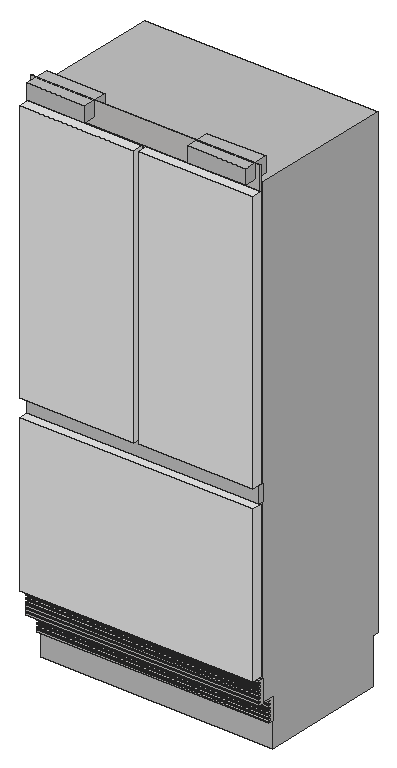
Revit family "FP_Revit_18_RS36A80J1_Fridge_90001167A", category Specialty Equipment, Revit 2018 (continued)
Definition of nested family "F&P Handle Kit - Contemporary Round - Vertical"
  Dimensions and locks
    Extrusion 7 sketch curve to Extrusion 7 sketch curve = 17.4 mm
    aligned and locked: level to plane 2
    aligned and locked: plane 4 "Top" to Extrusion 2
    aligned and locked: Extrusion 3 to plane 5 "Bottom"
    aligned and locked: plane 7 "Bottom Standoff" to Extrusion 3
    aligned and locked: Extrusion 1 to plane 7 "Bottom Standoff"
    aligned and locked: plane 6 "Top Standoff" to Extrusion 1
    aligned and locked: Extrusion 2 to Extrusion 1
    aligned and locked: Extrusion 6 to Extrusion 1
    aligned and locked: plane 4 "Top" to Extrusion 6
    aligned and locked: Extrusion 7 to Extrusion 1
    aligned and locked: Extrusion 7 to plane 5 "Bottom"
  Automatic sketch dimensions
    Extrusion 1 sketch curve to plane 3 "Center (Left/Right)" = 0 mm
    plane 1 "Center (Front/Back)" to Extrusion 1 sketch curve = 32.3 mm
    plane 1 "Center (Front/Back)" to Extrusion 2 sketch curve = 0 mm
    Extrusion 2 sketch curve to plane 3 "Center (Left/Right)" = 0 mm
    Extrusion 2 sketch curve to plane 3 "Center (Left/Right)" = 8.7 mm
    plane 1 "Center (Front/Back)" to Extrusion 2 sketch curve = 32.3 mm
    plane 1 "Center (Front/Back)" to Extrusion 3 sketch curve = 0 mm
    Extrusion 3 sketch curve to plane 3 "Center (Left/Right)" = 0 mm
    Extrusion 3 sketch curve to plane 3 "Center (Left/Right)" = 8.7 mm
    plane 1 "Center (Front/Back)" to Extrusion 3 sketch curve = 32.3 mm
    Sweep 4 sketch curve to profile plane = 0 mm  (x2)
    Sweep 4 sketch curve to profile plane = 1 mm  (x2)
    Sweep 5 sketch curve to profile plane = 0 mm  (x2)
    Sweep 5 sketch curve to profile plane = 1 mm  (x2)
    Extrusion 6 sketch curve to plane 3 "Center (Left/Right)" = 0 mm
    Extrusion 6 sketch curve to plane 3 "Center (Left/Right)" = 8.7 mm
    plane 1 "Center (Front/Back)" to Extrusion 6 sketch curve = 32.3 mm
    Extrusion 6 sketch curve to Extrusion 6 sketch curve = 32.3 mm
    Extrusion 7 sketch curve to plane 3 "Center (Left/Right)" = 0 mm
    Extrusion 7 sketch curve to plane 3 "Center (Left/Right)" = 8.7 mm
    plane 1 "Center (Front/Back)" to Extrusion 7 sketch curve = 32.3 mm
    Extrusion 7 sketch curve to Extrusion 7 sketch curve = 32.3 mm
    radius of Extrusion 1 sketch curve = 8.7 mm
Definition of nested family "F&P Handle Kit - Contemporary Square Fine - Horizontal"
  Parameters (values of type "AHD5RD2484W - Contemporary square fine handle (2 of 2) (Horizontal) 494mm")
    URL = "www.fisherpaykel.com"
    Material - Handle = none
    Manufacturer = "Fisher & Paykel Appliances"
    Handle - Length = 494 mm
  Types (15, lengths in mm): name | Handle - Length
    (no name) | 494
    AHD5RD2484W - Contemporary square fine handle (2 of 2) (Horizontal) 494mm | 494
    AHD5RD2484WB - Contemporary square fine black handle (2 of 2) (Horizontal) 494mm | 494
    AHD5RD3084W - Contemporary square fine handle (2 of 2) (Horizontal) 646mm | 646
    AHD5RD3084WB - Contemporary square fine black handle (2 of 2) (Horizontal) 646mm | 646
    AHD5RD7621W - Contemporary square fine handle (2 of 2) (Horizontal) 646mm | 646
    AHD5RD7621WB - Contemporary square fine handle black (2 of 2) (Horizontal) 646mm | 646
    AHD5RD6121W - Contemporary square fine handle (2 of 2) (Horizontal) 494mm | 494
    AHD5RD6121WB - Contemporary square fine handle black (2 of 2) (Horizontal) 494mm | 494
    AHD5RD36A - Contemporary square fine handle (2 of 2) (Horizontal) 746mm | 746
    AHD5RD36AB - Contemporary square fine black handle (2 of 2) (Horizontal) 746mm | 746
    AHD5RD90A - Contemporary square fine handle (2 of 2) (Horizontal) 746mm | 746
    AHD5RD80A - Contemporary square fine handle (2 of 2) (Horizontal) 646mm | 646
    AHD5RD80AB - Contemporary square fine black handle (2 of 2) (Horizontal) 646mm | 646
    AHD5RD90AB - Contemporary square fine black handle (2 of 2) (Horizontal) 746mm | 746
  Reference planes
    plane 1 "Center (Front/Back)": y = 0
    plane 2: z = 0
    plane 3 "Center (Left/Right)": x = 0
    plane 4 "Product LHS": x = -247
    plane 5 "Product RHS": x = 247
    plane 6 "LHS Standoff": x = -126.995
    plane 7 "RHS Standoff": x = 127.005
  Forms (mm)
    Extrusion 1, solid, material <- "Material - Handle", detail levels fine
      sketch origin (0, 0, 0) x (0, 1, 0) y (0, 0, 1)
        loop
          arc (-26.813, 6.16) -> (-27.196, 6.554) -> (-27.728, 6.686) r 1
          line (-27.728, 6.686) -> (-40.035, 6.256)
          arc (-40.035, 6.256) -> (-40.719, 5.951) -> (-41, 5.257) r 1
          line (-41, 5.257) -> (-41, -5.257)
          arc (-41, -5.257) -> (-40.719, -5.951) -> (-40.035, -6.256) r 1
          line (-40.035, -6.256) -> (-27.709, -6.686)
          arc (-27.709, -6.686) -> (-27.175, -6.554) -> (-26.792, -6.158) r 1
          arc (-26.792, -6.158) -> (-25.256, 0.004) -> (-26.813, 6.16) r 13.038
      from -247 to 247
    Extrusion 2, solid, material <- "Material - Handle", detail levels fine
      sketch origin (0, 0, 0) x (0, 1, 0) y (0, 0, 1)
        loop
          arc (-26.626, -6.008) -> (-26.614, -6.49) -> (-26.2, -6.737) r 0.5
          line (-26.2, -6.737) -> (0, -7.696) -> (0, 7.704) -> (-26.174, 6.747)
          arc (-26.174, 6.747) -> (-26.587, 6.5) -> (-26.6, 6.019) r 0.5
          arc (-26.6, 6.019) -> (-25.156, 0.002) -> (-26.626, -6.008) r 13.136
      from 127.005 to 247
    Extrusion 3, solid, material <- "Material - Handle", detail levels coarse+medium
      sketch origin (0, 0, 0) x (1, 0, 0) y (0, 1, 0)
        loop
          line (-247, -42) -> (247, -42) -> (247, 0) -> (127.005, 0) -> (127.005, -26.156) -> (-126.995, -26.156) -> (-126.995, 0) -> (-247, 0) -> (-247, -42)
      from -8.022 to 7.978
    Extrusion 4, solid, material <- "Material - Handle", detail levels fine
      sketch origin (0, 0, 0) x (0, 1, 0) y (0, 0, 1)
        loop
          arc (-26.626, -6.008) -> (-26.614, -6.49) -> (-26.2, -6.737) r 0.5
          line (-26.2, -6.737) -> (0, -7.696) -> (0, 7.704) -> (-26.174, 6.747)
          arc (-26.174, 6.747) -> (-26.587, 6.5) -> (-26.6, 6.019) r 0.5
          arc (-26.6, 6.019) -> (-25.156, 0.002) -> (-26.626, -6.008) r 13.136
      from -247 to -126.995
  Dimensions and locks
    equal spacing: plane 4 "Product LHS", plane 3 "Center (Left/Right)", plane 5 "Product RHS"
    "Handle - Length": plane 4 "Product LHS" to plane 5 "Product RHS"
    locked: plane 4 "Product LHS" to plane 6 "LHS Standoff" at 120.005
    locked: plane 7 "RHS Standoff" to plane 5 "Product RHS" at 119.995
    aligned and locked: level to plane 2
    aligned and locked: Extrusion 1 to plane 5 "Product RHS"
    aligned and locked: plane 4 "Product LHS" to Extrusion 1
    aligned and locked: Extrusion 2 to plane 5 "Product RHS"
    aligned and locked: plane 4 "Product LHS" to Extrusion 3 sketch curve
    aligned and locked: Extrusion 3 sketch curve to plane 5 "Product RHS"
    aligned and locked: Extrusion 3 sketch curve to plane 7 "RHS Standoff"
    aligned and locked: plane 6 "LHS Standoff" to Extrusion 3 sketch curve
    aligned and locked: plane 4 "Product LHS" to Extrusion 4
    aligned and locked: plane 6 "LHS Standoff" to Extrusion 4
    aligned and locked: Extrusion 2 to plane 7 "RHS Standoff"
  Automatic sketch dimensions
    Extrusion 1 sketch curve to level = 5.257 mm
    plane 1 "Center (Front/Back)" to Extrusion 1 sketch curve = 41 mm
    level to Extrusion 1 sketch curve = 6.256 mm
    Extrusion 1 sketch curve to Extrusion 1 sketch curve = 0.965 mm  (x2)
    Extrusion 1 sketch curve to level = 6.256 mm
    Extrusion 1 sketch curve to Extrusion 1 sketch curve = 0.035 mm  (x3)
    Extrusion 1 sketch curve to level = 0.018 mm
    Extrusion 1 sketch curve to Extrusion 1 sketch curve = 1.706 mm
    level to Extrusion 1 sketch curve = 6.686 mm
    Extrusion 1 sketch curve to Extrusion 1 sketch curve = 12.307 mm
    Extrusion 1 sketch curve to level = 6.686 mm
    Extrusion 1 sketch curve to Extrusion 1 sketch curve = 12.326 mm
    Extrusion 1 sketch curve to Extrusion 1 sketch curve = 0.999 mm  (x2)
    Extrusion 1 sketch curve to Extrusion 1 sketch curve = 0 mm
    Extrusion 2 sketch curve to plane 1 "Center (Front/Back)" = 0 mm
    level to Extrusion 2 sketch curve = 6.247 mm
    plane 1 "Center (Front/Back)" to Extrusion 2 sketch curve = 26.155 mm
    level to Extrusion 2 sketch curve = 6.747 mm
    Extrusion 2 sketch curve to Extrusion 2 sketch curve = 0.018 mm  (x2)
    Extrusion 2 sketch curve to level = 6.238 mm
    Extrusion 2 sketch curve to Extrusion 2 sketch curve = 0.026 mm
    Extrusion 2 sketch curve to level = 6.737 mm
    level to Extrusion 2 sketch curve = 0.03 mm
    Extrusion 2 sketch curve to Extrusion 2 sketch curve = 12.11 mm
    Extrusion 2 sketch curve to level = 7.696 mm
    level to Extrusion 2 sketch curve = 7.704 mm
    Extrusion 2 sketch curve to Extrusion 2 sketch curve = 0 mm
    plane 1 "Center (Front/Back)" to Extrusion 3 sketch curve = 42 mm
    Extrusion 3 sketch curve to Extrusion 3 sketch curve = 15.844 mm
    Extrusion 3 sketch curve to Extrusion 3 sketch curve = 26.156 mm  (x2)
    level to Extrusion 4 sketch curve = 0.03 mm
    plane 1 "Center (Front/Back)" to Extrusion 4 sketch curve = 38.291 mm
    Extrusion 4 sketch curve to level = 6.737 mm
    Extrusion 4 sketch curve to Extrusion 4 sketch curve = 12.091 mm
    Extrusion 4 sketch curve to Extrusion 4 sketch curve = 0.018 mm  (x2)
    level to Extrusion 4 sketch curve = 6.747 mm
    Extrusion 4 sketch curve to Extrusion 4 sketch curve = 0.008 mm
    level to Extrusion 4 sketch curve = 7.704 mm
    Extrusion 4 sketch curve to Extrusion 4 sketch curve = 26.174 mm
    Extrusion 4 sketch curve to level = 7.696 mm
    Extrusion 4 sketch curve to Extrusion 4 sketch curve = 0.5 mm  (x2)
    Extrusion 4 sketch curve to Extrusion 4 sketch curve = 0 mm
Definition of nested family "F&P Handle Kit - Contemporary Square Fine - Vertical"
  Parameters (values of type "AHD5RD90AB - Contemporary square fine black handle (1 of 2) (Vertical) 727mm")
    URL = "www.fisherpaykel.com"
    Material - Handle = none
    Manufacturer = "Fisher & Paykel Appliances"
    Handle - Length = 727 mm
  Types (14): name
    AHD5RD2484W - Contemporary square fine handle (1 of 2) (Vertical) 727mm
    AHD5RD2484WB - Contemporary square fine black handle (1 of 2) (Vertical) 727mm
    AHD5RD3084W - Contemporary square fine handle (1 of 2) (Vertical) 727mm
    AHD5RD3084WB - Contemporary square fine black handle (1 of 2) (Vertical) 727mm
    AHD5RD6121W - Contemporary square fine handle (1 of 2) (Vertical) 727mm
    AHD5RD6121WB - Contemporary square fine black handle (1 of 2) (Vertical) 727mm
    AHD5RD7621W - Contemporary square fine handle (1 of 2) (Vertical) 727mm
    AHD5RD7621WB - Contemporary square fine black handle (1 of 2) (Vertical) 727mm
    AHD5RD36A - Contemporary square fine handle (1 of 2) (Vertical) 727mm
    AHD5RD36AB - Contemporary square fine black handle (1 of 2) (Vertical) 727mm
    AHD5RD80A - Contemporary square fine handle (1 of 2) (Vertical) 727mm
    AHD5RD90A - Contemporary square fine handle (1 of 2) (Vertical) 727mm
    AHD5RD80AB - Contemporary square fine black handle (1 of 2) (Vertical) 727mm
    AHD5RD90AB - Contemporary square fine black handle (1 of 2) (Vertical) 727mm
  Reference planes
    plane 1 "Center (Front/Back)": y = 0
    plane 2: z = 0
    plane 3 "Center (Left/Right)": x = 0
    plane 4 "Top": z = 363.5
    plane 5 "Bottom": z = -363.5
    plane 6 "Top Standoff": z = 243.5
    plane 7 "Bottom Standoff": z = -243.5
  Forms (mm)
    Extrusion 1, solid, material <- "Material - Handle", detail levels fine
      sketch origin (0, 0, 0) x (1, 0, 0) y (0, 1, 0)
        loop
          arc (-6.16, -26.813) -> (-6.554, -27.196) -> (-6.686, -27.728) r 1
          line (-6.686, -27.728) -> (-6.256, -40.035)
          arc (-6.256, -40.035) -> (-5.951, -40.719) -> (-5.257, -41) r 1
          line (-5.257, -41) -> (5.257, -41)
          arc (5.257, -41) -> (5.951, -40.719) -> (6.256, -40.035) r 1
          line (6.256, -40.035) -> (6.686, -27.709)
          arc (6.686, -27.709) -> (6.554, -27.175) -> (6.158, -26.792) r 1
          arc (6.158, -26.792) -> (-0.004, -25.256) -> (-6.16, -26.813) r 13.038
      from -363.5 to 363.5
    Extrusion 2, solid, material <- "Material - Handle", detail levels fine
      sketch origin (0, 0, 0) x (1, 0, 0) y (0, 1, 0)
        loop
          arc (6.012, -26.626) -> (6.494, -26.614) -> (6.741, -26.2) r 0.5
          line (6.741, -26.2) -> (7.7, 0) -> (-7.7, 0) -> (-6.742, -26.174)
          arc (-6.742, -26.174) -> (-6.496, -26.587) -> (-6.015, -26.6) r 0.5
          arc (-6.015, -26.6) -> (0.002, -25.156) -> (6.012, -26.626) r 13.136
      from 243.5 to 363.5
    Extrusion 3, solid, material <- "Material - Handle", detail levels coarse+medium
      sketch origin (0, 0, 0) x (0, 1, 0) y (0, 0, 1)
        loop
          line (0, 363.5) -> (-42, 363.5) -> (-42, -363.5) -> (0, -363.5) -> (0, -243.5) -> (-26.245, -243.5) -> (-26.245, 243.5) -> (0, 243.5) -> (0, 363.5)
      from -8 to 8
    Extrusion 4, solid, material <- "Material - Handle", detail levels fine
      sketch origin (0, 0, 0) x (1, 0, 0) y (0, 1, 0)
        loop
          arc (6.012, -26.626) -> (6.494, -26.614) -> (6.741, -26.2) r 0.5
          line (6.741, -26.2) -> (7.7, 0) -> (-7.7, 0) -> (-6.742, -26.174)
          arc (-6.742, -26.174) -> (-6.496, -26.587) -> (-6.015, -26.6) r 0.5
          arc (-6.015, -26.6) -> (0.002, -25.156) -> (6.012, -26.626) r 13.136
      from -363.5 to -243.5
  Dimensions and locks
    equal spacing: plane 4 "Top", level, plane 5 "Bottom"
    "Handle - Length": plane 4 "Top" to plane 5 "Bottom"
    locked: plane 4 "Top" to plane 6 "Top Standoff" at 120
    locked: plane 7 "Bottom Standoff" to plane 5 "Bottom" at 120
    aligned and locked: level to plane 2
    aligned and locked: plane 4 "Top" to Extrusion 2
    aligned and locked: Extrusion 2 to plane 6 "Top Standoff"
    aligned and locked: plane 4 "Top" to Extrusion 1
    aligned and locked: Extrusion 1 to plane 5 "Bottom"
    aligned and locked: plane 4 "Top" to Extrusion 3 sketch curve
    aligned and locked: plane 6 "Top Standoff" to Extrusion 3 sketch curve
    aligned and locked: plane 7 "Bottom Standoff" to Extrusion 3 sketch curve
    aligned and locked: plane 5 "Bottom" to Extrusion 3 sketch curve
    aligned and locked: Extrusion 4 to plane 5 "Bottom"
    aligned and locked: plane 7 "Bottom Standoff" to Extrusion 4
  Automatic sketch dimensions
    Extrusion 1 sketch curve to plane 3 "Center (Left/Right)" = 6.686 mm
    Extrusion 1 sketch curve to plane 3 "Center (Left/Right)" = 6.256 mm
    Extrusion 1 sketch curve to Extrusion 1 sketch curve = 0.999 mm  (x4)
    plane 3 "Center (Left/Right)" to Extrusion 1 sketch curve = 0.018 mm
    plane 3 "Center (Left/Right)" to Extrusion 1 sketch curve = 5.257 mm
    plane 3 "Center (Left/Right)" to Extrusion 1 sketch curve = 5.687 mm
    plane 1 "Center (Front/Back)" to Extrusion 1 sketch curve = 41 mm
    Extrusion 1 sketch curve to Extrusion 1 sketch curve = 0.965 mm  (x2)
    Extrusion 1 sketch curve to Extrusion 1 sketch curve = 1.706 mm
    Extrusion 1 sketch curve to Extrusion 1 sketch curve = 12.307 mm
    Extrusion 1 sketch curve to Extrusion 1 sketch curve = 12.326 mm
    Extrusion 1 sketch curve to Extrusion 1 sketch curve = 0.035 mm  (x2)
    Extrusion 1 sketch curve to Extrusion 1 sketch curve = 0 mm
    plane 1 "Center (Front/Back)" to Extrusion 2 sketch curve = 0 mm
    Extrusion 2 sketch curve to plane 3 "Center (Left/Right)" = 7.7 mm
    Extrusion 2 sketch curve to plane 3 "Center (Left/Right)" = 6.742 mm
    Extrusion 2 sketch curve to Extrusion 2 sketch curve = 0.5 mm  (x2)
    Extrusion 2 sketch curve to plane 3 "Center (Left/Right)" = 0.026 mm
    plane 3 "Center (Left/Right)" to Extrusion 2 sketch curve = 6.242 mm
    plane 3 "Center (Left/Right)" to Extrusion 2 sketch curve = 7.7 mm
    plane 1 "Center (Front/Back)" to Extrusion 2 sketch curve = 26.155 mm
    Extrusion 2 sketch curve to Extrusion 2 sketch curve = 0.018 mm  (x2)
    Extrusion 2 sketch curve to Extrusion 2 sketch curve = 0.026 mm
    Extrusion 2 sketch curve to Extrusion 2 sketch curve = 12.11 mm
    Extrusion 2 sketch curve to Extrusion 2 sketch curve = 0 mm
    plane 1 "Center (Front/Back)" to Extrusion 3 sketch curve = 42 mm
    Extrusion 3 sketch curve to Extrusion 3 sketch curve = 15.755 mm
    Extrusion 3 sketch curve to Extrusion 3 sketch curve = 42 mm  (x2)
    Extrusion 4 sketch curve to plane 3 "Center (Left/Right)" = 7.7 mm
    Extrusion 4 sketch curve to plane 3 "Center (Left/Right)" = 6.742 mm
    Extrusion 4 sketch curve to Extrusion 4 sketch curve = 0.5 mm  (x2)
    Extrusion 4 sketch curve to plane 3 "Center (Left/Right)" = 0.026 mm
    plane 3 "Center (Left/Right)" to Extrusion 4 sketch curve = 6.242 mm
    plane 3 "Center (Left/Right)" to Extrusion 4 sketch curve = 7.7 mm
    plane 1 "Center (Front/Back)" to Extrusion 4 sketch curve = 38.291 mm
    Extrusion 4 sketch curve to Extrusion 4 sketch curve = 12.091 mm
    Extrusion 4 sketch curve to Extrusion 4 sketch curve = 0.018 mm  (x2)
    Extrusion 4 sketch curve to Extrusion 4 sketch curve = 0.452 mm
    Extrusion 4 sketch curve to Extrusion 4 sketch curve = 26.174 mm
    Extrusion 4 sketch curve to Extrusion 4 sketch curve = 0 mm
Definition of nested family "F&P Handle Kit - Professional Round - Horizontal"
  Parameters (values of type "AHCRS3272A - Professional round handle (2 of 2) (Horizontal) 646mm")
    URL = "www.fisherpaykel.com"
    Material - Standoff = none
    Material - Handle = none
    Manufacturer = "Fisher & Paykel Appliances"
    Handle - Length = 646 mm
  Types (5, lengths in mm): name | Handle - Length
    AHCRD2484W - Professional round handle (2 of 2) (Horizontal) 428mm | 428
    AHCRD3084W - Professional round handle (2 of 2) (Horizontal) 580mm | 646
    AHCRS3272A - Professional round handle (2 of 2) (Horizontal) 646mm | 646
    AHCRS36A - Professional round handle (2 of 2) (Horizontal) 746mm | 746
    AHCRS3272A - Professional round handle (2 of 2) (Horizontal) 580mm | 646
  Reference planes
    plane 1 "Center (Front/Back)": y = 0
    plane 2: z = 0
    plane 3 "Center (Left/Right)": x = 0
    plane 4 "Product LHS": x = -323
    plane 5 "Product RHS": x = 323
    plane 6 "LHS Standoff": x = -279
    plane 7 "RHS Standoff": x = 279
  Forms (mm)
    Extrusion 1, solid, material <- "Material - Standoff", detail levels fine
      sketch origin (0, 0, 0) x (0, 1, 0) y (0, 0, 1)
        loop
          line (0, 18.5) -> (-41.7, 18.5)
          arc (-41.7, 18.5) -> (-60.2, 0) -> (-41.7, -18.5) r 18.5
          line (-41.7, -18.5) -> (0, -18.5) -> (0, 18.5)
      from 279 to 323
    Extrusion 2, solid, material <- "Material - Standoff", detail levels fine
      sketch origin (0, 0, 0) x (0, 1, 0) y (0, 0, 1)
        loop
          line (0, 18.5) -> (-41.7, 18.5)
          arc (-41.7, 18.5) -> (-60.2, 0) -> (-41.7, -18.5) r 18.5
          line (-41.7, -18.5) -> (0, -18.5) -> (0, 18.5)
      from -323 to -279
    Sweep 3, void
      path in 3D
        loop
          line (323, 0, 18.5) -> (323, -41.7, 18.5)
          arc (323, -41.7, 18.5) -> (323, -60.2, 0) -> (323, -41.7, -18.5) r 18.5
          line (323, -41.7, -18.5) -> (323, 0, -18.5)
      profile origin (323, -20.85, 18.5) x (1, 0, 0) y (0, 0, 1)
        loop
          line (0, 0) -> (-3, 0) -> (0, -3) -> (0, 0)
    Sweep 4, void
      path in 3D
        loop
          line (-323, 0, -18.5) -> (-323, -41.7, -18.5)
          arc (-323, -41.7, -18.5) -> (-323, -60.2, 0) -> (-323, -41.7, 18.5) r 18.5
          line (-323, -41.7, 18.5) -> (-323, 0, 18.5)
      profile origin (-323, -20.85, 18.5) x (-1, 0, 0) y (0, 0, 1)
        loop
          line (0, 0) -> (-3, 0) -> (0, -3) -> (0, 0)
    Extrusion 5, solid, material <- "Material - Handle"
      sketch origin (0, -2.3, 0) x (0, 1, 0) y (0, 0, 1)
        loop
          circle (-39.4, 0) r 12.7
      from -279 to 279
    Extrusion 6, solid, material <- "Material - Standoff", detail levels coarse+medium
      sketch origin (0, 0, 0) x (0, 1, 0) y (0, 0, 1)
        loop
          line (0, 18.5) -> (-41.7, 18.5)
          arc (-41.7, 18.5) -> (-60.2, 0) -> (-41.7, -18.5) r 18.5
          line (-41.7, -18.5) -> (0, -18.5) -> (0, 18.5)
      from 323 to 279
    Extrusion 7, solid, material <- "Material - Standoff", detail levels coarse+medium
      sketch origin (0, 0, 0) x (0, 1, 0) y (0, 0, 1)
        loop
          line (0, 18.5) -> (-41.7, 18.5)
          arc (-41.7, 18.5) -> (-60.2, 0) -> (-41.7, -18.5) r 18.5
          line (-41.7, -18.5) -> (0, -18.5) -> (0, 18.5)
      from -279 to -323
  Cuts and joins
    Sweep 3 cuts Extrusion 1
    Sweep 4 cuts Extrusion 2
  Lines and regions (mm)
    sketch lines
      curve 1: line (323, 0, 18.5) -> (323, -41.7, 18.5)
      curve 2: arc (323, -41.7, -18.5) -> (323, -60.2, 0) -> (323, -41.7, 18.5) r 18.5
      curve 3: line (323, -41.7, -18.5) -> (323, 0, -18.5)
      curve 4: line (-323, -41.7, 18.5) -> (-323, 0, 18.5)
      curve 5: arc (-323, -41.7, 18.5) -> (-323, -60.2, 0) -> (-323, -41.7, -18.5) r 18.5
      curve 6: line (-323, 0, -18.5) -> (-323, -41.7, -18.5)
  Dimensions and locks
    equal spacing: plane 4 "Product LHS", plane 3 "Center (Left/Right)", plane 5 "Product RHS"
    "Handle - Length": plane 4 "Product LHS" to plane 5 "Product RHS"
    plane 4 "Product LHS" to plane 6 "LHS Standoff" = 44 mm
    plane 7 "RHS Standoff" to plane 5 "Product RHS" = 44 mm
    aligned and locked: level to plane 2
    aligned and locked: Extrusion 1 to plane 7 "RHS Standoff"
    aligned and locked: Extrusion 1 to plane 5 "Product RHS"
    aligned and locked: plane 4 "Product LHS" to Extrusion 2
    aligned and locked: plane 6 "LHS Standoff" to Extrusion 2
    aligned and locked: Extrusion 5 to plane 6 "LHS Standoff"
    aligned and locked: plane 7 "RHS Standoff" to Extrusion 5
    aligned and locked: plane 5 "Product RHS" to Extrusion 6
    aligned and locked: plane 7 "RHS Standoff" to Extrusion 6
    aligned and locked: Extrusion 7 to plane 4 "Product LHS"
    aligned and locked: Extrusion 7 to plane 6 "LHS Standoff"
  Automatic sketch dimensions
    Extrusion 1 sketch curve to level = 0 mm
    Extrusion 1 sketch curve to plane 1 "Center (Front/Back)" = 0 mm
    Extrusion 1 sketch curve to level = 18.5 mm
    plane 1 "Center (Front/Back)" to Extrusion 1 sketch curve = 41.7 mm
    Extrusion 2 sketch curve to level = 0 mm
    Extrusion 2 sketch curve to plane 1 "Center (Front/Back)" = 0 mm
    Extrusion 2 sketch curve to level = 18.5 mm
    plane 1 "Center (Front/Back)" to Extrusion 2 sketch curve = 41.7 mm
    Sweep 3 sketch curve to profile plane = 0 mm
    profile plane to Sweep 3 sketch curve = 0 mm
    profile plane to Sweep 3 sketch curve = 3 mm
    Sweep 3 sketch curve to profile plane = 3 mm
    Sweep 4 sketch curve to profile plane = 0 mm  (x2)
    profile plane to Sweep 4 sketch curve = 3 mm
    Sweep 4 sketch curve to profile plane = 3 mm
    Extrusion 5 sketch curve to level = 0 mm
    plane 1 "Center (Front/Back)" to Extrusion 5 sketch curve = 41.7 mm
    Extrusion 6 sketch curve to level = 0 mm
    level to Extrusion 6 sketch curve = 18.5 mm
    plane 1 "Center (Front/Back)" to Extrusion 6 sketch curve = 41.7 mm
    Extrusion 6 sketch curve to Extrusion 6 sketch curve = 41.7 mm
    Extrusion 7 sketch curve to level = 0 mm
    level to Extrusion 7 sketch curve = 18.5 mm
    plane 1 "Center (Front/Back)" to Extrusion 7 sketch curve = 41.7 mm
    Extrusion 7 sketch curve to Extrusion 7 sketch curve = 41.7 mm
    radius of Extrusion 5 sketch curve = 12.7 mm
Definition of nested family "F&P Handle Kit - Professional Round - Vertical"
  Parameters (values of type "AHCRS36A - Professional round handle (1 of 2) (Vertical) 661mm")
    URL = "www.fisherpaykel.com"
    Material - Standoff = none
    Material - Handle = none
    Manufacturer = "Fisher & Paykel Appliances"
    Handle - Length = 661 mm
  Types (5, lengths in mm): name | Handle - Length
    AHCRD2484W - Professional round handle (1 of 2) (Vertical) 661mm | 661
    AHCRD3084W - Professional round handle (1 of 2) (Vertical) 661mm | 661
    AHC-RD84 - Professional round handle (Vertical) 786mm | 786
    AHCRS3272A - Professional round handle (1 of 2) (Vertical) 661mm | 661
    AHCRS36A - Professional round handle (1 of 2) (Vertical) 661mm | 661
  Reference planes
    plane 1 "Center (Front/Back)": y = 0
    plane 2: z = 0
    plane 3 "Center (Left/Right)": x = 0
    plane 4 "Top": z = 330.5
    plane 5 "Bottom": z = -330.5
    plane 6 "Top Standoff": z = 286.5
    plane 7 "Bottom Standoff": z = -286.5
  Forms (mm)
    Extrusion 1, solid, material <- "Material - Standoff", detail levels fine
      sketch origin (0, 0, 0) x (1, 0, 0) y (0, 1, 0)
        loop
          line (-18.5, 0) -> (-18.5, -41.7)
          arc (-18.5, -41.7) -> (0, -60.2) -> (18.5, -41.7) r 18.5
          line (18.5, -41.7) -> (18.5, 0) -> (-18.5, 0)
      from 286.5 to 330.5
    Extrusion 2, solid, material <- "Material - Standoff", detail levels fine
      sketch origin (0, 0, 0) x (1, 0, 0) y (0, 1, 0)
        loop
          line (-18.5, 0) -> (-18.5, -41.7)
          arc (-18.5, -41.7) -> (0, -60.2) -> (18.5, -41.7) r 18.5
          line (18.5, -41.7) -> (18.5, 0) -> (-18.5, 0)
      from -330.5 to -286.5
    Extrusion 3, solid, material <- "Material - Handle"
      sketch origin (0, 0, 0) x (1, 0, 0) y (0, 1, 0)
        loop
          circle (0, -41.7) r 12.7
      from -286.5 to 286.5
    Sweep 4, void
      path in 3D
        loop
          line (-18.5, 0, 330.5) -> (-18.5, -41.7, 330.5)
          arc (-18.5, -41.7, 330.5) -> (0, -60.2, 330.5) -> (18.5, -41.7, 330.5) r 18.5
          line (18.5, -41.7, 330.5) -> (18.5, 0, 330.5)
      profile origin (18.5, -20.85, 330.5) x (-1, 0, 0) y (0, 0, 1)
        loop
          line (0, 0) -> (0, -3) -> (3, 0) -> (0, 0)
    Sweep 5, void
      path in 3D
        loop
          line (18.5, 0, -330.5) -> (18.5, -41.7, -330.5)
          arc (18.5, -41.7, -330.5) -> (0, -60.2, -330.5) -> (-18.5, -41.7, -330.5) r 18.5
          line (-18.5, -41.7, -330.5) -> (-18.5, 0, -330.5)
      profile origin (18.5, -20.85, -330.5) x (-1, 0, 0) y (0, 0, -1)
        loop
          line (0, 0) -> (0, -3) -> (3, 0) -> (0, 0)
    Extrusion 6, solid, material <- "Material - Standoff", detail levels coarse+medium
      sketch origin (0, 0, 0) x (1, 0, 0) y (0, 1, 0)
        loop
          line (-18.5, 0) -> (-18.5, -41.7)
          arc (-18.5, -41.7) -> (0, -60.2) -> (18.5, -41.7) r 18.5
          line (18.5, -41.7) -> (18.5, 0) -> (-18.5, 0)
      from 286.5 to 330.5
    Extrusion 7, solid, material <- "Material - Standoff", detail levels coarse+medium
      sketch origin (0, 0, 0) x (1, 0, 0) y (0, 1, 0)
        loop
          line (-18.5, 0) -> (-18.5, -41.7)
          arc (-18.5, -41.7) -> (0, -60.2) -> (18.5, -41.7) r 18.5
          line (18.5, -41.7) -> (18.5, 0) -> (-18.5, 0)
      from -330.5 to -286.5
  Cuts and joins
    Sweep 4 cuts Extrusion 1
    Sweep 5 cuts Extrusion 2
  Lines and regions (mm)
    sketch lines
      curve 1: line (18.5, -41.7, 330.5) -> (18.5, 0, 330.5)
      curve 2: arc (18.5, -41.7, 330.5) -> (0, -60.2, 330.5) -> (-18.5, -41.7, 330.5) r 18.5
      curve 3: line (-18.5, 0, 330.5) -> (-18.5, -41.7, 330.5)
      curve 4: line (18.5, 0, -330.5) -> (18.5, -41.7, -330.5)
      curve 5: arc (-18.5, -41.7, -330.5) -> (0, -60.2, -330.5) -> (18.5, -41.7, -330.5) r 18.5
      curve 6: line (-18.5, -41.7, -330.5) -> (-18.5, 0, -330.5)
  Dimensions and locks
    equal spacing: plane 4 "Top", level, plane 5 "Bottom"
    "Handle - Length": plane 4 "Top" to plane 5 "Bottom"
    plane 4 "Top" to plane 6 "Top Standoff" = 44 mm
    plane 7 "Bottom Standoff" to plane 5 "Bottom" = 44 mm
    aligned and locked: level to plane 2
    aligned and locked: plane 4 "Top" to Extrusion 1
    aligned and locked: Extrusion 1 to plane 6 "Top Standoff"
    aligned and locked: Extrusion 2 to plane 5 "Bottom"
    aligned and locked: plane 7 "Bottom Standoff" to Extrusion 2
    aligned and locked: plane 6 "Top Standoff" to Extrusion 3
    aligned and locked: Extrusion 3 to plane 7 "Bottom Standoff"
    aligned and locked: plane 4 "Top" to Extrusion 6
    aligned and locked: Extrusion 7 to plane 5 "Bottom"
    aligned and locked: plane 7 "Bottom Standoff" to Extrusion 7
    aligned and locked: Extrusion 6 to plane 6 "Top Standoff"
  Automatic sketch dimensions
    plane 1 "Center (Front/Back)" to Extrusion 1 sketch curve = 0 mm
    Extrusion 1 sketch curve to plane 3 "Center (Left/Right)" = 0 mm
    Extrusion 1 sketch curve to plane 3 "Center (Left/Right)" = 18.5 mm
    plane 1 "Center (Front/Back)" to Extrusion 1 sketch curve = 41.7 mm
    plane 1 "Center (Front/Back)" to Extrusion 2 sketch curve = 0 mm
    Extrusion 2 sketch curve to plane 3 "Center (Left/Right)" = 0 mm
    Extrusion 2 sketch curve to plane 3 "Center (Left/Right)" = 18.5 mm
    plane 1 "Center (Front/Back)" to Extrusion 2 sketch curve = 41.7 mm
    Extrusion 3 sketch curve to plane 3 "Center (Left/Right)" = 0 mm
    plane 1 "Center (Front/Back)" to Extrusion 3 sketch curve = 41.7 mm
    Sweep 4 sketch curve to profile plane = 0 mm  (x2)
    Sweep 4 sketch curve to profile plane = 3 mm  (x2)
    Sweep 5 sketch curve to profile plane = 0 mm  (x2)
    Sweep 5 sketch curve to profile plane = 3 mm  (x2)
    Extrusion 6 sketch curve to plane 3 "Center (Left/Right)" = 0 mm
    Extrusion 6 sketch curve to plane 3 "Center (Left/Right)" = 18.5 mm
    plane 1 "Center (Front/Back)" to Extrusion 6 sketch curve = 41.7 mm
    Extrusion 6 sketch curve to Extrusion 6 sketch curve = 41.7 mm
    Extrusion 7 sketch curve to plane 3 "Center (Left/Right)" = 0 mm
    Extrusion 7 sketch curve to plane 3 "Center (Left/Right)" = 18.5 mm
    plane 1 "Center (Front/Back)" to Extrusion 7 sketch curve = 41.7 mm
    Extrusion 7 sketch curve to Extrusion 7 sketch curve = 41.7 mm
    radius of Extrusion 3 sketch curve = 12.7 mm
Definition of nested family "F&P Handle Kit - Professional Square - Horizontal"
  Parameters (values of type "AHV2RS36A - Professional square handle (2 of 2) (Horizontal) 686mm")
    URL = "www.fisherpaykel.com"
    Material - Handle = none
    Manufacturer = "Fisher & Paykel Appliances"
    Handle - Length = 686 mm
  Types (5, lengths in mm): name | Handle - Length
    (no name) | 686
    AHV2RD2484W - Professional square handle (2 of 2) (Horizontal) 434mm | 434
    AHV2RD3084W - Professional square handle (2 of 2) (Horizontal) 586mm | 586
    AHV2RS3272A - Professional square handle (2 of 2) (Horizontal) 586mm | 586
    AHV2RS36A - Professional square handle (2 of 2) (Horizontal) 686mm | 686
  Reference planes
    plane 1 "Center (Front/Back)": y = 0
    plane 2: z = 0
    plane 3 "Center (Left/Right)": x = 0
    plane 4 "Product LHS": x = -343
    plane 5 "Product RHS": x = 343
    plane 6 "LHS Standoff": x = -293
    plane 7 "RHS Standoff": x = 293
  Forms (mm)
    Extrusion 1, solid, material <- "Material - Handle", detail levels fine
      sketch origin (0, 0, 0) x (1, 0, 0) y (0, 1, 0)
        loop
          line (-343, 0) -> (-343, -40)
          arc (-343, -40) -> (-340.071, -47.071) -> (-333, -50) r 10
          line (-333, -50) -> (-293, -50) -> (-293, 0) -> (-343, 0)
        loop
          line (343, 0) -> (293, 0) -> (293, -50) -> (333, -50)
          arc (333, -50) -> (340.071, -47.071) -> (343, -40) r 10
          line (343, -40) -> (343, 0)
      from -17.5 to 17.5
    Extrusion 2, solid, material <- "Material - Handle", detail levels fine
      sketch origin (0, 0, 0) x (0, 1, 0) y (0, 0, 1)
        loop
          line (-36.787, 15.5) -> (-46.472, 15.5) -> (-47.8, 14.172) -> (-47.8, -14.172) -> (-46.472, -15.5) -> (-36.787, -15.5)
          arc (-36.787, -15.5) -> (-32.3, 0) -> (-36.787, 15.5) r 29.013
      from -293 to 293
    Sweep 3, void
      path in 3D
        loop
          line (293, -50, 17.5) -> (333, -50, 17.5)
          arc (333, -50, 17.5) -> (340.071, -47.071, 17.5) -> (343, -40, 17.5) r 10
          line (343, -40, 17.5) -> (343, 0, 17.5)
      profile origin (343, -20, 17.5) x (-1, 0, 0) y (0, 0, 1)
        loop
          line (0, 0) -> (0, -2.5) -> (2.5, 0) -> (0, 0)
    Sweep 4, void
      path in 3D
        loop
          line (343, 0, -17.5) -> (343, -40, -17.5)
          arc (343, -40, -17.5) -> (340.071, -47.071, -17.5) -> (333, -50, -17.5) r 10
          line (333, -50, -17.5) -> (293, -50, -17.5)
      profile origin (343, -20, -17.5) x (-1, 0, 0) y (0, 0, -1)
        loop
          line (0, 0) -> (0, -2.5) -> (2.5, 0) -> (0, 0)
    Sweep 5, void
      path in 3D
        loop
          line (-343, 0, 17.5) -> (-343, -40, 17.5)
          arc (-343, -40, 17.5) -> (-340.071, -47.071, 17.5) -> (-333, -50, 17.5) r 10
          line (-333, -50, 17.5) -> (-293, -50, 17.5)
      profile origin (-343, -20, 17.5) x (1, 0, 0) y (0, 0, 1)
        loop
          line (0, 0) -> (0, -2.5) -> (2.5, 0) -> (0, 0)
    Sweep 6, void
      path in 3D
        loop
          line (-293, -50, -17.5) -> (-333, -50, -17.5)
          arc (-333, -50, -17.5) -> (-340.071, -47.071, -17.5) -> (-343, -40, -17.5) r 10
          line (-343, -40, -17.5) -> (-343, 0, -17.5)
      profile origin (-343, -20, -17.5) x (1, 0, 0) y (0, 0, -1)
        loop
          line (0, 0) -> (0, -2.5) -> (2.5, 0) -> (0, 0)
    Extrusion 7, solid, material <- "Material - Handle", detail levels coarse+medium
      sketch origin (0, 0, 0) x (1, 0, 0) y (0, 1, 0)
        loop
          line (-293, 0) -> (-343, 0) -> (-343, -40)
          arc (-343, -40) -> (-340.071, -47.071) -> (-333, -50) r 10
          line (-333, -50) -> (333, -50)
          arc (333, -50) -> (340.071, -47.071) -> (343, -40) r 10
          line (343, -40) -> (343, 0) -> (293, 0) -> (293, -32) -> (-293, -32) -> (-293, 0)
      from -17.5 to 17.5
  Cuts and joins
    Sweep 3, Sweep 4, Sweep 5, Sweep 6 cuts Extrusion 1
  Lines and regions (mm)
    sketch lines
      curve 1: line (343, -40, 17.5) -> (343, 0, 17.5)
      curve 2: arc (343, -40, 17.5) -> (340.071, -47.071, 17.5) -> (333, -50, 17.5) r 10
      curve 3: line (293, -50, 17.5) -> (333, -50, 17.5)
      curve 4: line (343, 0, -17.5) -> (343, -40, -17.5)
      curve 5: arc (333, -50, -17.5) -> (340.071, -47.071, -17.5) -> (343, -40, -17.5) r 10
      curve 6: line (333, -50, -17.5) -> (293, -50, -17.5)
      curve 7: line (-343, 0, 17.5) -> (-343, -40, 17.5)
      curve 8: arc (-333, -50, 17.5) -> (-340.071, -47.071, 17.5) -> (-343, -40, 17.5) r 10
      curve 9: line (-333, -50, 17.5) -> (-293, -50, 17.5)
      curve 10: line (-343, -40, -17.5) -> (-343, 0, -17.5)
      curve 11: arc (-343, -40, -17.5) -> (-340.071, -47.071, -17.5) -> (-333, -50, -17.5) r 10
      curve 12: line (-293, -50, -17.5) -> (-333, -50, -17.5)
  Dimensions and locks
    equal spacing: plane 4 "Product LHS", plane 3 "Center (Left/Right)", plane 5 "Product RHS"
    "Handle - Length": plane 4 "Product LHS" to plane 5 "Product RHS"
    plane 4 "Product LHS" to plane 6 "LHS Standoff" = 50 mm
    plane 7 "RHS Standoff" to plane 5 "Product RHS" = 50 mm
    aligned and locked: level to plane 2
    aligned and locked: plane 5 "Product RHS" to Extrusion 1 sketch curve
    aligned and locked: Extrusion 1 sketch curve to plane 1 "Center (Front/Back)"
    aligned and locked: plane 1 "Center (Front/Back)" to Extrusion 1 sketch curve
    aligned and locked: Extrusion 1 sketch curve to plane 6 "LHS Standoff"
    aligned and locked: Extrusion 1 sketch curve to plane 7 "RHS Standoff"
    aligned and locked: plane 7 "RHS Standoff" to Extrusion 2
    aligned and locked: Extrusion 2 to plane 6 "LHS Standoff"
    aligned and locked: plane 5 "Product RHS" to Extrusion 7 sketch curve
    aligned and locked: Extrusion 7 sketch curve to plane 7 "RHS Standoff"
    aligned and locked: plane 6 "LHS Standoff" to Extrusion 7 sketch curve
    aligned and locked: plane 4 "Product LHS" to Extrusion 7 sketch curve
    aligned and locked: Extrusion 7 sketch curve to plane 1 "Center (Front/Back)"
    aligned and locked: plane 1 "Center (Front/Back)" to Extrusion 7 sketch curve
  Automatic sketch dimensions
    Extrusion 1 sketch curve to plane 4 "Product LHS" = 0 mm
    Extrusion 1 sketch curve to plane 4 "Product LHS" = 10 mm
    plane 5 "Product RHS" to Extrusion 1 sketch curve = 10 mm
    Extrusion 1 sketch curve to Extrusion 1 sketch curve = 40 mm  (x2)
    level to Extrusion 2 sketch curve = 0 mm
    plane 1 "Center (Front/Back)" to Extrusion 2 sketch curve = 61.313 mm
    Extrusion 2 sketch curve to Extrusion 2 sketch curve = 13.513 mm
    Extrusion 2 sketch curve to Extrusion 2 sketch curve = 1.328 mm  (x4)
    Extrusion 2 sketch curve to Extrusion 2 sketch curve = 9.684 mm  (x2)
    Extrusion 2 sketch curve to Extrusion 2 sketch curve = 14.172 mm
    Sweep 3 sketch curve to profile plane = 0 mm  (x2)
    Sweep 3 sketch curve to profile plane = 2.5 mm  (x2)
    Sweep 4 sketch curve to profile plane = 0 mm  (x2)
    Sweep 4 sketch curve to profile plane = 2.5 mm  (x2)
    profile plane to Sweep 5 sketch curve = 0 mm
    Sweep 5 sketch curve to profile plane = 0 mm
    Sweep 5 sketch curve to profile plane = 2.5 mm  (x2)
    profile plane to Sweep 6 sketch curve = 0 mm
    Sweep 6 sketch curve to profile plane = 0 mm
    Sweep 6 sketch curve to profile plane = 2.5 mm  (x2)
    Extrusion 7 sketch curve to plane 4 "Product LHS" = 10 mm
    plane 5 "Product RHS" to Extrusion 7 sketch curve = 10 mm
    plane 1 "Center (Front/Back)" to Extrusion 7 sketch curve = 32 mm
    plane 1 "Center (Front/Back)" to Extrusion 7 sketch curve = 40 mm
Definition of nested family "F&P Handle Kit - Professional Square - Vertical"
  Parameters (values of type "AHV2RS36A - Professional square handle (1 of 2) (Vertical) 727mm")
    URL = "www.fisherpaykel.com"
    Material - Handle = none
    Manufacturer = "Fisher & Paykel Appliances"
    Handle - Length = 727 mm
  Types (6, lengths in mm): name | Handle - Length
    (no name) | 727
    AHV2RD2484W - Professional square handle (1 of 2) (Vertical) 727mm | 727
    AHV2RD3084W - Professional square handle (1 of 2) (Vertical) 727mm | 727
    AHV2-RD84 - Professional square handle (Vertical) 792mm | 792
    AHV2RS3272A - Professional square handle (1 of 2) (Vertical) 727mm | 727
    AHV2RS36A - Professional square handle (1 of 2) (Vertical) 727mm | 727
  Reference planes
    plane 1 "Center (Front/Back)": y = 0
    plane 2: z = 0
    plane 3 "Center (Left/Right)": x = 0
    plane 4 "Top": z = 363.5
    plane 5 "Bottom": z = -363.5
    plane 6 "Top Standoff": z = 313.5
    plane 7 "Bottom Standoff": z = -313.5
  Forms (mm)
    Extrusion 1, solid, material <- "Material - Handle", detail levels fine
      sketch origin (0, 0, 0) x (0, 1, 0) y (0, 0, 1)
        loop
          line (0, 363.5) -> (-40, 363.5)
          arc (-40, 363.5) -> (-47.071, 360.571) -> (-50, 353.5) r 10
          line (-50, 353.5) -> (-50, 313.5) -> (0, 313.5) -> (0, 363.5)
        loop
          line (0, -363.5) -> (0, -313.5) -> (-50, -313.5) -> (-50, -353.5)
          arc (-50, -353.5) -> (-47.071, -360.571) -> (-40, -363.5) r 10
          line (-40, -363.5) -> (0, -363.5)
      from -17.5 to 17.5
    Sweep 2, void
      path in 3D
        loop
          line (17.5, 0, 363.5) -> (17.5, -40, 363.5)
          arc (17.5, -40, 363.5) -> (17.5, -47.071, 360.571) -> (17.5, -50, 353.5) r 10
          line (17.5, -50, 353.5) -> (17.5, -50, 313.5)
      profile origin (17.5, -20, 363.5) x (1, 0, 0) y (0, 0, 1)
        loop
          line (0, 0) -> (-2.5, 0) -> (0, -2.5) -> (0, 0)
    Sweep 3, void
      path in 3D
        loop
          line (-17.5, -50, 313.5) -> (-17.5, -50, 353.5)
          arc (-17.5, -50, 353.5) -> (-17.5, -47.071, 360.571) -> (-17.5, -40, 363.5) r 10
          line (-17.5, -40, 363.5) -> (-17.5, 0, 363.5)
      profile origin (-17.5, -20, 363.5) x (-1, 0, 0) y (0, 0, 1)
        loop
          line (0, 0) -> (-2.5, 0) -> (0, -2.5) -> (0, 0)
    Sweep 4, void
      path in 3D
        loop
          line (17.5, -50, -313.5) -> (17.5, -50, -353.5)
          arc (17.5, -50, -353.5) -> (17.5, -47.071, -360.571) -> (17.5, -40, -363.5) r 10
          line (17.5, -40, -363.5) -> (17.5, 0, -363.5)
      profile origin (17.5, -20, -363.5) x (1, 0, 0) y (0, 0, -1)
        loop
          line (0, 0) -> (-2.5, 0) -> (0, -2.5) -> (0, 0)
    Sweep 5, void
      path in 3D
        loop
          line (-17.5, 0, -363.5) -> (-17.5, -40, -363.5)
          arc (-17.5, -40, -363.5) -> (-17.5, -47.071, -360.571) -> (-17.5, -50, -353.5) r 10
          line (-17.5, -50, -353.5) -> (-17.5, -50, -313.5)
      profile origin (-17.5, -20, -363.5) x (-1, 0, 0) y (0, 0, -1)
        loop
          line (0, 0) -> (-2.5, 0) -> (0, -2.5) -> (0, 0)
    Extrusion 6, solid, material <- "Material - Handle", detail levels fine
      sketch origin (0, 0, 0) x (1, 0, 0) y (0, 1, 0)
        loop
          line (-15.5, -36.737) -> (-15.5, -46.422) -> (-14.172, -47.75) -> (14.172, -47.75) -> (15.5, -46.422) -> (15.5, -36.737)
          arc (15.5, -36.737) -> (0, -32.25) -> (-15.5, -36.737) r 29.013
      from -313.5 to 313.5
    Extrusion 7, solid, material <- "Material - Handle", detail levels coarse+medium
      sketch origin (0, 0, 0) x (0, 1, 0) y (0, 0, 1)
        loop
          line (0, 363.5) -> (-40, 363.5)
          arc (-40, 363.5) -> (-47.071, 360.571) -> (-50, 353.5) r 10
          line (-50, 353.5) -> (-50, -353.5)
          arc (-50, -353.5) -> (-47.071, -360.571) -> (-40, -363.5) r 10
          line (-40, -363.5) -> (0, -363.5) -> (0, -313.5) -> (-31.95, -313.5) -> (-31.95, 313.5) -> (0, 313.5) -> (0, 363.5)
      from -17.5 to 17.5
  Cuts and joins
    Sweep 2, Sweep 3, Sweep 4, Sweep 5 cuts Extrusion 1
  Lines and regions (mm)
    sketch lines
      curve 1: line (17.5, 0, 363.5) -> (17.5, -40, 363.5)
      curve 2: arc (17.5, -50, 353.5) -> (17.5, -47.071, 360.571) -> (17.5, -40, 363.5) r 10
      curve 3: line (17.5, -50, 353.5) -> (17.5, -50, 313.5)
      curve 4: line (-17.5, -40, 363.5) -> (-17.5, 0, 363.5)
      curve 5: arc (-17.5, -40, 363.5) -> (-17.5, -47.071, 360.571) -> (-17.5, -50, 353.5) r 10
      curve 6: line (-17.5, -50, 313.5) -> (-17.5, -50, 353.5)
      curve 7: line (17.5, -40, -363.5) -> (17.5, 0, -363.5)
      curve 8: arc (17.5, -40, -363.5) -> (17.5, -47.071, -360.571) -> (17.5, -50, -353.5) r 10
      curve 9: line (17.5, -50, -313.5) -> (17.5, -50, -353.5)
      curve 10: line (-17.5, 0, -363.5) -> (-17.5, -40, -363.5)
      curve 11: arc (-17.5, -50, -353.5) -> (-17.5, -47.071, -360.571) -> (-17.5, -40, -363.5) r 10
      curve 12: line (-17.5, -50, -353.5) -> (-17.5, -50, -313.5)
  Dimensions and locks
    equal spacing: plane 4 "Top", level, plane 5 "Bottom"
    "Handle - Length": plane 4 "Top" to plane 5 "Bottom"
    plane 7 "Bottom Standoff" to plane 5 "Bottom" = 50 mm
    plane 4 "Top" to plane 6 "Top Standoff" = 50 mm
    aligned and locked: level to plane 2
    aligned and locked: plane 4 "Top" to Extrusion 1 sketch curve
    aligned and locked: plane 5 "Bottom" to Extrusion 1 sketch curve
    aligned and locked: Extrusion 1 sketch curve to plane 1 "Center (Front/Back)"
    aligned and locked: plane 1 "Center (Front/Back)" to Extrusion 1 sketch curve
    aligned and locked: plane 6 "Top Standoff" to Extrusion 1 sketch curve
    aligned and locked: plane 7 "Bottom Standoff" to Extrusion 1 sketch curve
    aligned and locked: plane 6 "Top Standoff" to Extrusion 6
    aligned and locked: Extrusion 6 to plane 7 "Bottom Standoff"
    aligned and locked: plane 4 "Top" to Extrusion 7 sketch curve
    aligned and locked: plane 6 "Top Standoff" to Extrusion 7 sketch curve
    aligned and locked: plane 1 "Center (Front/Back)" to Extrusion 7 sketch curve
    aligned and locked: plane 7 "Bottom Standoff" to Extrusion 7 sketch curve
    aligned and locked: plane 5 "Bottom" to Extrusion 7 sketch curve
    aligned and locked: Extrusion 7 sketch curve to plane 1 "Center (Front/Back)"
  Automatic sketch dimensions
    Sweep 2 sketch curve to profile plane = 0 mm
    profile plane to Sweep 2 sketch curve = 0 mm
    profile plane to Sweep 2 sketch curve = 2.5 mm
    Sweep 2 sketch curve to profile plane = 2.5 mm
    Sweep 3 sketch curve to profile plane = 0 mm  (x2)
    profile plane to Sweep 3 sketch curve = 2.5 mm
    Sweep 3 sketch curve to profile plane = 2.5 mm
    Sweep 4 sketch curve to profile plane = 0 mm
    profile plane to Sweep 4 sketch curve = 0 mm
    profile plane to Sweep 4 sketch curve = 2.5 mm
    Sweep 4 sketch curve to profile plane = 2.5 mm
    Sweep 5 sketch curve to profile plane = 0 mm  (x2)
    profile plane to Sweep 5 sketch curve = 2.5 mm
    Sweep 5 sketch curve to profile plane = 2.5 mm
    plane 1 "Center (Front/Back)" to Extrusion 1 sketch curve = 40 mm  (x2)
    Extrusion 1 sketch curve to Extrusion 1 sketch curve = 10 mm  (x2)
    Extrusion 6 sketch curve to plane 3 "Center (Left/Right)" = 0 mm
    Extrusion 6 sketch curve to Extrusion 6 sketch curve = 1.328 mm  (x4)
    plane 1 "Center (Front/Back)" to Extrusion 6 sketch curve = 61.263 mm
    Extrusion 6 sketch curve to Extrusion 6 sketch curve = 13.513 mm
    Extrusion 6 sketch curve to Extrusion 6 sketch curve = 9.684 mm  (x2)
    Extrusion 6 sketch curve to plane 3 "Center (Left/Right)" = 14.172 mm
    plane 1 "Center (Front/Back)" to Extrusion 7 sketch curve = 31.95 mm
    plane 1 "Center (Front/Back)" to Extrusion 7 sketch curve = 40 mm  (x2)
    Extrusion 7 sketch curve to plane 4 "Top" = 10 mm
Definition of nested family "F&P Handle Kit - Professional Round Flush - Horizontal"
  Parameters (values of type "AHP3RD36W - Professional round flush handle (2 of 2) (Horizontal)")
    URL = "www.fisherpaykel.com"
    Material - Handle = none
    Manufacturer = "Fisher & Paykel Appliances"
    Handle - Length = 727 mm
  Types (4, lengths in mm): name | Handle - Length
    AHP3RD2484W - Professional round flush handle (2 of 2) (Horizontal) | 443
    AHP3RD3084W - Professional round flush handle (2 of 2) (Horizontal) | 596
    AHP3RD36W - Professional round flush handle (2 of 2) (Horizontal) | 727
    AHP3RD36A - Professional round flush handle (2 of 2) (Horizontal) | 727
  Reference planes
    plane 1 "Center (Front/Back)": y = 0
    plane 2: z = 0
    plane 3 "Center (Left/Right)": x = 0
    plane 4 "Product LHS": x = -363.5
    plane 5 "Product RHS": x = 363.5
    plane 6 "LHS Standoff": x = -303.5
    plane 7 "RHS Standoff": x = 303.5
  Forms (mm)
    Extrusion 1, solid, material <- "Material - Handle", detail levels fine
      sketch origin (0, 0, 0) x (0, 1, 0) y (0, 0, 1)
        loop
          line (0, 12.8) -> (-45.117, 12.8)
          arc (-45.117, 12.8) -> (-57.807, 1.671) -> (-48.43, -12.364) r 12.8
          line (-48.43, -12.364) -> (0, -25.341) -> (0, 12.8)
      from 303.5 to 363.5
    Extrusion 2, solid, material <- "Material - Handle"
      sketch origin (0, 0, 0) x (0, 1, 0) y (0, 0, 1)
        loop
          circle (-45.117, 0) r 12.8
      from -303.5 to 303.5
    Sweep 3, void
      path origin (363.5, 0, 0) x (0, -1, 0) y (0, 0, 1)
        loop
          line (-1, 12.8) -> (45.117, 12.8)
          arc (45.117, 12.8) -> (57.807, 1.671) -> (48.43, -12.364) r 12.8
          line (48.43, -12.364) -> (-1, -25.609)
      profile origin (363.5, -22.058, 12.8) x (0, 0, 1) y (-1, 0, 0)
        loop
          line (1, -1) -> (1, 2.6) -> (-2.6, -1) -> (1, -1)
    Extrusion 4, solid, material <- "Material - Handle", detail levels fine
      sketch origin (0, 0, 0) x (0, 1, 0) y (0, 0, -1)
        loop
          line (0, -12.8) -> (0, 25.341) -> (-48.43, 12.364)
          arc (-48.43, 12.364) -> (-57.807, -1.671) -> (-45.117, -12.8) r 12.8
          line (-45.117, -12.8) -> (0, -12.8)
      from 303.5 to 363.5
    Sweep 5, void
      path origin (-363.5, 0, 0) x (0, -1, 0) y (0, 0, -1)
        loop
          line (-1, -12.8) -> (45.117, -12.8)
          arc (45.117, -12.8) -> (57.807, -1.671) -> (48.43, 12.364) r 12.8
          line (48.43, 12.364) -> (-1, 25.609)
      profile origin (-363.5, -22.058, 12.8) x (0, 0, -1) y (1, 0, 0)
        loop
          line (-1, -1) -> (2.6, -1) -> (-1, 2.6) -> (-1, -1)
    Extrusion 6, solid, material <- "Material - Handle", detail levels coarse+medium
      sketch origin (0, 0, 0) x (0, 1, 0) y (0, 0, 1)
        loop
          line (0, 12.8) -> (-45.117, 12.8)
          arc (-45.117, 12.8) -> (-57.807, 1.671) -> (-48.43, -12.364) r 12.8
          line (-48.43, -12.364) -> (0, -25.341) -> (0, 12.8)
      from 303.5 to 363.5
    Extrusion 7, solid, material <- "Material - Handle", detail levels coarse+medium
      sketch origin (0, 0, 0) x (0, 1, 0) y (0, 0, -1)
        loop
          line (0, -12.8) -> (0, 25.341) -> (-48.43, 12.364)
          arc (-48.43, 12.364) -> (-57.807, -1.671) -> (-45.117, -12.8) r 12.8
          line (-45.117, -12.8) -> (0, -12.8)
      from 303.5 to 363.5
  Cuts and joins
    Sweep 3, Sweep 5 cuts Extrusion 1
    Sweep 5 cuts Extrusion 4
  Dimensions and locks
    equal spacing: plane 4 "Product LHS", plane 3 "Center (Left/Right)", plane 5 "Product RHS"
    "Handle - Length": plane 4 "Product LHS" to plane 5 "Product RHS"
    plane 7 "RHS Standoff" to plane 5 "Product RHS" = 60 mm
    plane 4 "Product LHS" to plane 6 "LHS Standoff" = 60 mm
    aligned and locked: level to plane 2
    aligned and locked: Extrusion 1 to plane 5 "Product RHS"
    aligned and locked: Extrusion 1 to plane 7 "RHS Standoff"
    aligned and locked: plane 6 "LHS Standoff" to Extrusion 4
    aligned and locked: plane 4 "Product LHS" to Extrusion 4
    aligned and locked: plane 7 "RHS Standoff" to Extrusion 2
    aligned and locked: Extrusion 2 to plane 6 "LHS Standoff"
    aligned and locked: plane 6 "LHS Standoff" to Extrusion 7
    aligned and locked: plane 4 "Product LHS" to Extrusion 7
    aligned and locked: Extrusion 6 to plane 7 "RHS Standoff"
    aligned and locked: Extrusion 6 to plane 5 "Product RHS"
  Automatic sketch dimensions
    Extrusion 1 sketch curve to level = 0 mm
    Extrusion 1 sketch curve to plane 1 "Center (Front/Back)" = 0 mm
    plane 1 "Center (Front/Back)" to Extrusion 1 sketch curve = 45.117 mm
    Extrusion 1 sketch curve to level = 12.364 mm
    Extrusion 1 sketch curve to Extrusion 1 sketch curve = 3.313 mm
    Extrusion 1 sketch curve to level = 25.341 mm
    Sweep 3 sketch curve to level = 0 mm
    plane 1 "Center (Front/Back)" to Sweep 3 sketch curve = 45.117 mm
    Sweep 3 sketch curve to level = 12.364 mm
    Sweep 3 sketch curve to Sweep 3 sketch curve = 3.313 mm
    Sweep 3 sketch curve to plane 1 "Center (Front/Back)" = 1 mm  (x2)
    Sweep 3 sketch curve to level = 25.609 mm
    Sweep 3 sketch curve to plane 5 "Product RHS" = 1 mm
    profile plane to Sweep 3 sketch curve = 2.6 mm
    Sweep 3 sketch curve to profile plane = 1 mm
    plane 5 "Product RHS" to Sweep 3 sketch curve = 2.6 mm
    Extrusion 4 sketch curve to level = 0 mm
    Extrusion 4 sketch curve to plane 1 "Center (Front/Back)" = 0 mm
    plane 1 "Center (Front/Back)" to Extrusion 4 sketch curve = 45.117 mm
    Extrusion 4 sketch curve to level = 12.364 mm
    Extrusion 4 sketch curve to Extrusion 4 sketch curve = 3.313 mm
    Extrusion 4 sketch curve to level = 25.341 mm
    Sweep 5 sketch curve to level = 0 mm
    plane 1 "Center (Front/Back)" to Sweep 5 sketch curve = 45.117 mm
    Sweep 5 sketch curve to level = 12.364 mm
    Sweep 5 sketch curve to Sweep 5 sketch curve = 3.313 mm
    Sweep 5 sketch curve to plane 1 "Center (Front/Back)" = 1 mm  (x2)
    Sweep 5 sketch curve to level = 25.609 mm
    profile plane to Sweep 5 sketch curve = 1 mm
    Sweep 5 sketch curve to profile plane = 1 mm
    Sweep 5 sketch curve to profile plane = 2.6 mm
    profile plane to Sweep 5 sketch curve = 2.6 mm
    Extrusion 6 sketch curve to level = 0 mm
    Extrusion 6 sketch curve to level = 12.364 mm
    plane 1 "Center (Front/Back)" to Extrusion 6 sketch curve = 48.43 mm
    level to Extrusion 6 sketch curve = 12.8 mm
    Extrusion 6 sketch curve to Extrusion 6 sketch curve = 45.117 mm
    Extrusion 6 sketch curve to level = 25.341 mm
    Extrusion 7 sketch curve to level = 0 mm
    Extrusion 7 sketch curve to level = 12.364 mm
    plane 1 "Center (Front/Back)" to Extrusion 7 sketch curve = 48.43 mm
    level to Extrusion 7 sketch curve = 12.8 mm
    Extrusion 7 sketch curve to Extrusion 7 sketch curve = 45.117 mm
    Extrusion 7 sketch curve to level = 25.341 mm
    Extrusion 2 sketch curve to level = 0 mm
    plane 1 "Center (Front/Back)" to Extrusion 2 sketch curve = 45.117 mm
    radius of Extrusion 2 sketch curve = 12.8 mm
Definition of nested family "F&P Handle Kit - Professional Round Flush - Vertical"
  Parameters (values of type "AHP3RD36W - Professional round flush handle (1 of 2) (Vertical)")
    URL = "www.fisherpaykel.com"
    Material - Handle = none
    Manufacturer = "Fisher & Paykel Appliances"
    Handle - Length = 727 mm
  Types (6, lengths in mm): name | Handle - Length
    (no name) | 727
    AHP3RD2484W - Professional round flush handle (1 of 2) (Vertical) | 677
    AHP3RD3084W - Professional round flush handle (1 of 2) (Vertical) | 677
    AHP3-RD84 - Professional round flush handle (Vertical) 677mm | 677
    AHP3RD36W - Professional round flush handle (1 of 2) (Vertical) | 727
    AHP3RD36A - Professional round flush handle (1 of 2) (Vertical) | 727
  Reference planes
    plane 1 "Center (Front/Back)": y = 0
    plane 2: z = 0
    plane 3 "Center (Left/Right)": x = 0
    plane 4 "Top": z = 363.5
    plane 5 "Bottom": z = -363.5
    plane 6 "Top Standoff": z = 303.5
    plane 7 "Bottom Standoff": z = -303.5
  Forms (mm)
    Extrusion 1, solid, material <- "Material - Handle", detail levels fine
      sketch origin (0, 0, 0) x (1, 0, 0) y (0, 1, 0)
        loop
          arc (-12.817, -46.665) -> (0, -58.016) -> (12.817, -46.665) r 12.912
          line (12.817, -46.665) -> (18.5, 0) -> (-18.5, 0) -> (-12.817, -46.665)
      from 303.5 to 363.5
    Extrusion 2, solid, material <- "Material - Handle", detail levels fine
      sketch origin (0, 0, 0) x (1, 0, 0) y (0, 1, 0)
        loop
          arc (-12.817, -46.665) -> (0, -58.016) -> (12.817, -46.665) r 12.912
          line (12.817, -46.665) -> (18.5, 0) -> (-18.5, 0) -> (-12.817, -46.665)
      from -363.5 to -303.5
    Extrusion 3, solid, material <- "Material - Handle"
      sketch origin (0, 0, 0) x (1, 0, 0) y (0, 1, 0)
        loop
          circle (0, -45.116) r 12.7
      from -303.5 to 303.5
    Sweep 4, void
      path in 3D
        loop
          line (18.5, 0, 363.5) -> (12.817, -46.665, 363.5)
          arc (12.817, -46.665, 363.5) -> (0, -58.016, 363.5) -> (-12.817, -46.665, 363.5) r 12.912
          line (-12.817, -46.665, 363.5) -> (-18.5, 0, 363.5)
      profile origin (0, -58.016, 363.5) x (0, -1, 0) y (0, 0, 1)
        loop
          line (0, 0) -> (-1.5, 0) -> (0, -1.5) -> (0, 0)
    Sweep 5, void
      path in 3D
        loop
          line (-18.5, 0, -363.5) -> (-12.817, -46.665, -363.5)
          arc (-12.817, -46.665, -363.5) -> (0, -58.016, -363.5) -> (12.817, -46.665, -363.5) r 12.912
          line (12.817, -46.665, -363.5) -> (18.5, 0, -363.5)
      profile origin (0, -58.016, -363.5) x (0, -1, 0) y (0, 0, -1)
        loop
          line (0, 0) -> (-1.5, 0) -> (0, -1.5) -> (0, 0)
    Extrusion 6, solid, material <- "Material - Handle", detail levels coarse+medium
      sketch origin (0, 0, 0) x (1, 0, 0) y (0, 1, 0)
        loop
          arc (-12.817, -46.665) -> (0, -58.016) -> (12.817, -46.665) r 12.912
          line (12.817, -46.665) -> (18.5, 0) -> (-18.5, 0) -> (-12.817, -46.665)
      from 303.5 to 363.5
    Extrusion 7, solid, material <- "Material - Handle", detail levels coarse+medium
      sketch origin (0, 0, 0) x (1, 0, 0) y (0, 1, 0)
        loop
          arc (-12.817, -46.665) -> (0, -58.016) -> (12.817, -46.665) r 12.912
          line (12.817, -46.665) -> (18.5, 0) -> (-18.5, 0) -> (-12.817, -46.665)
      from -363.5 to -303.5
  Cuts and joins
    Sweep 4 cuts Extrusion 1
    Sweep 5 cuts Extrusion 2
  Lines and regions (mm)
    sketch lines
      curve 1: arc (12.817, -46.665, 363.5) -> (0, -58.016, 363.5) -> (-12.817, -46.665, 363.5) r 12.912
      curve 2: line (12.817, -46.665, 363.5) -> (18.5, 0, 363.5)
      curve 3: line (-18.5, 0, 363.5) -> (-12.817, -46.665, 363.5)
      curve 4: arc (-12.817, -46.665, -363.5) -> (0, -58.016, -363.5) -> (12.817, -46.665, -363.5) r 12.912
      curve 5: line (18.5, 0, -363.5) -> (12.817, -46.665, -363.5)
      curve 6: line (-12.817, -46.665, -363.5) -> (-18.5, 0, -363.5)
  Dimensions and locks
    equal spacing: plane 4 "Top", level, plane 5 "Bottom"
    "Handle - Length": plane 4 "Top" to plane 5 "Bottom"
    aligned and locked: level to plane 2
    aligned and locked: plane 4 "Top" to Extrusion 1
    aligned and locked: Extrusion 1 to plane 6 "Top Standoff"
    aligned and locked: Extrusion 2 to plane 5 "Bottom"
    aligned and locked: plane 1 "Center (Front/Back)" to Extrusion 2 sketch curve
    aligned and locked: plane 6 "Top Standoff" to Extrusion 3
    aligned and locked: Extrusion 3 to plane 7 "Bottom Standoff"
    aligned and locked: Extrusion 6 to cut or joined group of Extrusion 1, Sweep 4
    aligned and locked: Extrusion 7 to cut or joined group of Extrusion 2, Sweep 5
  Automatic sketch dimensions
    plane 1 "Center (Front/Back)" to Extrusion 1 sketch curve = 0 mm
